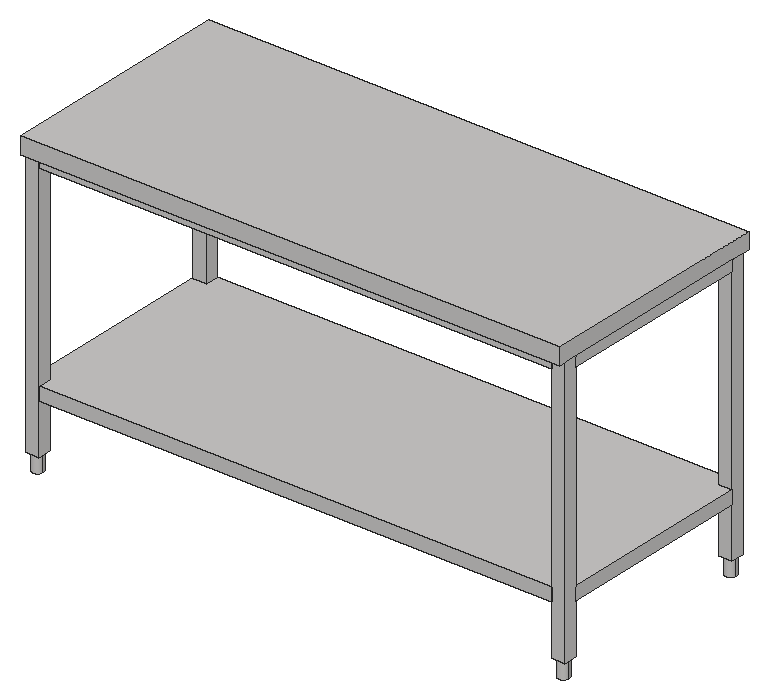
Revit family "QF_ELECTROLUXPROFESSIONAL_134088_LSGTG1600E", category Attrezzature speciali, Revit 2020
Family settings
  Quota connettore circolare = Usa diametro
  Tipo di parte = Normale
  Basato su piano di lavoro = No
  Sempre verticale = Sì
  Taglio con vuoti quando caricato = No
  Condiviso = No
  Punto di calcolo locali = No
Parameters (values of type "Standard")
  Weight = 52.00 kg
  Watts = 0 W
  Volts = 0 V
  URL Manufacturer = "https://www.electroluxprofessional.com/"
  URL = "https://www.electroluxprofessional.com/"
  Steam Supply Size = 0 mm
  Steam Supply Minimum Pressure = 0.0 Pa
  Steam Supply Maximum Pressure = 0.0 Pa
  Steam Consumption per Hour = 0
  Refrigeration Suction Line Size = 0.0 mm
  Refrigeration Liquid Line Size = 0.0 mm
  Refrigerant Compressor Remote = yes
  Prospetto di default = 0.0 mm
  Produttore = "Electrolux Professional"
  Phase = 0
  Modello = "LSGTG1600E"
  Length Actual = 1600.0 mm  # constant formula
  Item Number = "134088"
  Hot Water Size = 0 mm
  Height Actual = 900.0 mm  # constant formula
  HP = "0 HP"
  Gas Size = 0 mm
  Gas KW = 0
  Gas Input Pressure = 0 W
  Direct Waste Size = 0 mm
  Descrizione = "WORK TABLE 1600 MM WITH LOWER SHELF"
  Depth Actual = 700.0 mm  # constant formula
  Cycle = 0 Hz
  Condensate Return Size = 0 mm
  Compressed Air Volume = 0.0 L/s
  Compressed Air Size = 0 mm
  Compressed Air Pressure = 0.0 Pa
  Cold Water Size = 0 mm
  Accessory = yes
Reference planes
  plane 1 "Center (Front/Back)": y = 0
  plane 2: z = 0
  plane 3 "Center (Left/Right)": x = -300
  plane 4 "LEFT": x = -1100
  plane 5 "RIGHT": x = 500
  plane 6 "BACK": y = 350
  plane 7 "FRONT": y = -350
  plane 8 "Base": z = 850
  plane 9 "TOP": z = 900
  plane 10: x = -1080
  plane 11: x = 480
  plane 12: y = 310
  plane 13: y = -310
  plane 14 "TRAVERSI": z = 820
  plane 15: x = -1060
  plane 16: x = 460
  plane 17: y = 290
  plane 18: y = -290
  plane 19: y = 330
  plane 20: y = -330
  plane 21 "Plane": z = 200
Forms (mm)
  Extrusion 1, solid, material "QF_Finishes_Stainless Steel"
    sketch origin (-300, 0, 0) x (0, 1, 0) y (0, 0, 1)
      loop
        line (-350, 850) -> (350, 850) -> (350, 900) -> (-350, 900) -> (-350, 850)
    from 800 to -800
  Extrusion 2, solid, material "QF_Finishes_Stainless Steel"
    sketch origin (0, 0, 820) x (0, 1, 0) y (-1, 0, 0)
      loop
        line (290, -460) -> (-290, -460) -> (-290, -500) -> (290, -500) -> (290, -460)
      loop
        line (290, 1100) -> (-290, 1100) -> (-290, 1060) -> (290, 1060) -> (290, 1100)
    from 0 to 30
  Extrusion 3, solid, material "QF_Finishes_Stainless Steel"
    sketch origin (0, 0, 820) x (0, 1, 0) y (-1, 0, 0)
      loop
        line (330, -460) -> (330, 1060) -> (290, 1060) -> (290, -460) -> (330, -460)
      loop
        line (-290, 1060) -> (-330, 1060) -> (-330, -460) -> (-290, -460) -> (-290, 1060)
    from 0 to 30
  Extrusion 4, solid, material "QF_Finishes_Stainless Steel"
    sketch origin (0, 0, 200) x (0, 1, 0) y (-1, 0, 0)
      loop
        line (290, 1100) -> (-290, 1100) -> (-290, 1060) -> (-330, 1060) -> (-330, -460) -> (-290, -460) -> (-290, -500) -> (290, -500) -> (290, -460) -> (330, -460) -> (330, 1060) -> (290, 1060) -> (290, 1100)
    from 0 to 40
Lines and regions (mm)
  symbolic lines
    curve 1: line (500, 350, 900) -> (-1100, 350, 900)
    curve 2: line (-1100, 350, 900) -> (-1100, -350, 900)
    curve 3: line (-1100, -350, 900) -> (500, -350, 900)
    curve 4: line (500, -350, 900) -> (500, 350, 900)
Dimensions and locks
  plane 4 "LEFT" to plane 5 "RIGHT" = 1600.0 mm
  equal spacing: plane 4 "LEFT", plane 3 "Center (Left/Right)", plane 5 "RIGHT"
  locked: plane 8 "Base" to level at 850
  plane 4 "LEFT" to plane 10 = 20.0 mm
  plane 11 to plane 5 "RIGHT" = 20.0 mm
  plane 10 to plane 11 = 1560.0 mm
  locked: plane 9 "TOP" to level at 900
  plane 6 "BACK" to plane 12 = 40.0 mm
  plane 13 to plane 7 "FRONT" = 40.0 mm
  plane 6 "BACK" to plane 7 "FRONT" = 700.0 mm
  plane 12 to plane 13 = 620.0 mm
  equal spacing: plane 6 "BACK", plane 1 "Center (Front/Back)", plane 7 "FRONT"
  plane 8 "Base" to plane 14 "TRAVERSI" = 30.0 mm
  locked: plane 10 to plane 15 at 20
  locked: plane 16 to plane 11 at 20
  locked: plane 19 to plane 12 at 20
  locked: plane 12 to plane 17 at 20
  locked: plane 18 to plane 13 at 20
  locked: plane 13 to plane 20 at 20
  plane 21 "Plane" to level = 200.0 mm
  aligned and locked: level to plane 2
  aligned and locked: plane 10 to nested 1
  aligned and locked: nested 1 to plane 13
  aligned and locked: plane 11 to nested 2
  aligned and locked: nested 2 to plane 13
  aligned and locked: plane 11 to nested 4
  aligned and locked: nested 4 to plane 12
  aligned and locked: plane 10 to nested 3
  aligned and locked: nested 3 to plane 12
  aligned and locked: Extrusion 1 to plane 4 "LEFT"
  aligned and locked: plane 5 "RIGHT" to Extrusion 1
  aligned and locked: curve 2 to plane 4 "LEFT"
  aligned and locked: Extrusion 2 sketch curve to plane 5 "RIGHT"
  aligned and locked: Extrusion 2 sketch curve to plane 17  (x2)
  aligned and locked: plane 16 to Extrusion 2 sketch curve
  aligned and locked: plane 18 to Extrusion 2 sketch curve  (x2)
  aligned and locked: plane 4 "LEFT" to Extrusion 2 sketch curve
  aligned and locked: Extrusion 2 sketch curve to plane 15
  aligned and locked: plane 19 to Extrusion 3 sketch curve
  aligned and locked: Extrusion 3 sketch curve to plane 17
  aligned and locked: Extrusion 3 sketch curve to plane 18
  aligned and locked: plane 20 to Extrusion 3 sketch curve
  aligned and locked: Extrusion 3 sketch curve to plane 15
  aligned and locked: plane 15 to Extrusion 3 sketch curve
  aligned and locked: plane 16 to Extrusion 3 sketch curve
  aligned and locked: Extrusion 3 sketch curve to plane 16
  aligned and locked: Extrusion 4 sketch curve to plane 19
  aligned and locked: Extrusion 4 sketch curve to plane 5 "RIGHT"
  aligned and locked: Extrusion 4 sketch curve to plane 20
  aligned and locked: plane 4 "LEFT" to Extrusion 4 sketch curve
  aligned and locked: Extrusion 4 sketch curve to plane 17  (x2)
  aligned and locked: plane 15 to Extrusion 4 sketch curve
  aligned and locked: Extrusion 4 sketch curve to plane 16
  aligned and locked: Extrusion 4 sketch curve to plane 18  (x2)
  aligned and locked: plane 16 to Extrusion 4 sketch curve
  aligned and locked: Extrusion 4 sketch curve to plane 15
Automatic sketch dimensions
  Extrusion 1 sketch curve to plane 7 "FRONT" = 0.0 mm
  Extrusion 1 sketch curve to plane 8 "Base" = 0.0 mm
  curve 3 to plane 7 "FRONT" = 0.0 mm
  curve 4 to plane 6 "BACK" = 0.0 mm
  Extrusion 1 sketch curve to plane 9 "TOP" = 0.0 mm
  Extrusion 1 sketch curve to plane 6 "BACK" = 0.0 mm
  curve 4 to plane 5 "RIGHT" = 0.0 mm
Nested families
  nested 1: "FEET_40x40_P50" at (-1080, -310, 0), type "FEET_40x40_P50"
  nested 2: "FEET_40x40_P50" at (480, -310, 0), type "FEET_40x40_P50"
  nested 3: "FEET_40x40_P50" at (-1080, 310, 0), type "FEET_40x40_P50"
  nested 4: "FEET_40x40_P50" at (480, 310, 0), type "FEET_40x40_P50"
Definition of nested family "FEET_40x40_P50"
  Parameters
    Default Elevation = 0.0 mm
    FEET = 850.0 mm
  Reference planes
    plane 1 "Center (Front/Back)": y = 0
    plane 2: z = 0
    plane 3 "Center (Left/Right)": x = 0
    plane 4: z = 850
  Forms (mm)
    Extrusion 1, solid
      sketch origin (0, 0, 0) x (1, 0, 0) y (0, 1, 0)
        loop
          line (-20, -20) -> (20, -20) -> (20, 20) -> (-20, 20) -> (-20, -20)
      from 50 to 850
    Extrusion 2, solid
      sketch origin (0, 0, 0) x (1, 0, 0) y (0, 1, 0)
        loop
          circle (0, 0) r 16
      from 0 to 50
  Lines and regions (mm)
    symbolic lines
      curve 1: line (0, -1.503, 0) -> (0, 1.508, 0)
      curve 2: line (1.561, 0, 0) -> (-1.439, 0, 0)
  Dimensions and locks
    "FEET": plane 4 to plane 2
    aligned and locked: level to plane 2
  Automatic sketch dimensions
    Extrusion 1 sketch curve to plane 3 "Center (Left/Right)" = 20.0 mm
    plane 3 "Center (Left/Right)" to Extrusion 1 sketch curve = 20.0 mm
    plane 1 "Center (Front/Back)" to Extrusion 1 sketch curve = 20.0 mm
    Extrusion 1 sketch curve to plane 1 "Center (Front/Back)" = 20.0 mm
    plane 1 "Center (Front/Back)" to Extrusion 2 sketch curve = 0.0 mm
    Extrusion 2 sketch curve to plane 3 "Center (Left/Right)" = 0.0 mm
    plane 1 "Center (Front/Back)" to curve 2 = 0.0 mm
    curve 1 to plane 3 "Center (Left/Right)" = 0.0 mm
    curve 2 to plane 3 "Center (Left/Right)" = 1.439 mm
    plane 3 "Center (Left/Right)" to curve 2 = 1.561 mm
    plane 1 "Center (Front/Back)" to curve 1 = 1.503 mm
    curve 1 to plane 1 "Center (Front/Back)" = 1.508 mm
    radius of Extrusion 2 sketch curve = 16.0 mm
